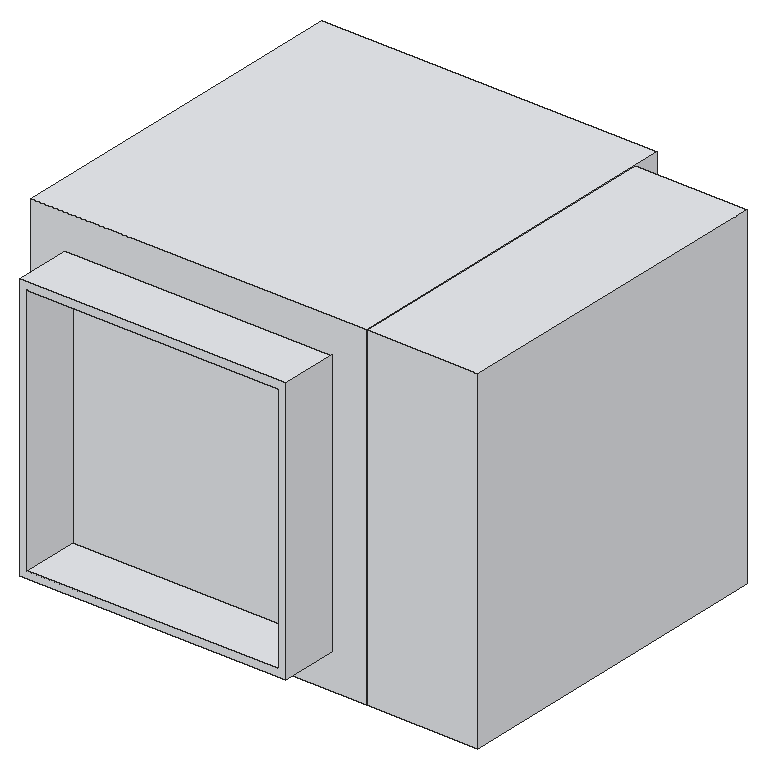
Revit family "Electric_Furnace-Unico-Square_Plenum NEW", category Mechanical Equipment, Revit 2020
Family settings
  Round Connector Dimension = Use Diameter
  Classification = None
  Part Type = Normal
  OmniClass Number = 23.75.70.00
  OmniClass Title = HVAC Distribution Devices
  Work Plane-Based = No
  Always vertical = Yes
  Cut with Voids When Loaded = No
  Shared = No
  Room Calculation Point = No
Parameters (values of type "Not a Type - Load Type Catalog")
  Warranty URL = "https://www.unicosystem.com/wp-content/uploads/2022/08/Bulletin-10-010.pdf"
  Voltage [instance] = 240 V  # constant formula
  Video Link = "https://www.youtube.com/watch?v=aUAUzyZZRxY&themeRefresh=1"
  Version = "2020 - v1.0a"  # constant formula
  URL = "https://www.unicosystem.com/"
  Support Phone [instance] = "(224) 699-9545"  # constant formula
  Support Email [instance] = "support@bimsmith.com"
  Nominal Capacity = 1000 W * (size_lookup("Size", "kW", 0, Constraints))  # 2000 W
  Clearance [instance] = no
  Product Page URL = "https://shop.unicosystem.com/index.php?route=product/catalog&filter_keyword=Electric%20Furnace"
  Product Documentation Link = "https://shop.unicosystem.com/index.php?route=product/catalog&filter_keyword=Electric%20Furnace"
  Power Factor = 1  # constant formula
  Performance URL = "https://www.unicosystem.com/literature-media/"
  Number of Poles = size_lookup("Size", "Phase", 0, Constraints)  # 1
  Model = size_lookup("Size", "Model", "N/A", Constraints)  # "WON0202-C"
  Manufacturer Phone Number = "314-481-9000"  # constant formula
  Manufacturer Fax Number = "314-457-9000"  # constant formula
  Manufacturer Email = "https://www.unicosystem.com/customer-%20support/"
  Manufacturer Address = "1120 Intagliata Drive Arnold, MO 63010"  # constant formula
  Manufacturer = "Unico, Inc."  # constant formula
  Load Classification = HVAC
  Keynote = "23 30 00"
  Instruction Sheet Link = "https://www.unicosystem.com/wp-content/uploads/2024/01/Bulletin-30-020.pdf"
  Frequency = 60 Hz  # constant formula
  Finish = Metal - Unico - Silver
  Description = "Electric Furnace"  # constant formula
  Default Elevation = 0' - 0"
  Copyright = "© 2022 The Unico System. All rights reserved."  # constant formula
  Constraints = 1
  Width = size_lookup("Size", "Width", 0' 0", Constraints)  # 1' - 0"
  Length = size_lookup("Size", "Depth", 0' 0", Constraints)  # 1' - 1"
  Height = size_lookup("Size", "Height", 0' 0", Constraints)  # 1' - 0"
  Plenum Connection Height & Width [instance] = 9 1/2"  # constant formula
  Assembly Code = "D3040100"
  Apparent Load = 1 VA * (size_lookup("Size", "Amp", 0, Constraints))  # 8.3 VA
Reference planes (in)
  plane 1 "Center (Front/Back)": y = 0
  plane 2: z = 0
  plane 3 "Center (Left/Right)": x = 0
Dimensions and locks (in)
  aligned and locked: plane 2 to level
  aligned and locked: plane 3 "Center (Left/Right)" to nested 1
  aligned and locked: nested 1 to plane 1 "Center (Front/Back)"
Nested families (in)
  nested 1: "Nested - Geo" at (-6, -6.5, 0), type "Default"
Connectors (in)
  hvac at (0, -8.54275, 6), driven by "Plenum Connection Height & Width", driven by "Plenum Connection Height & Width", driven by "Plenum Connection Height & Width"
    settings: on nested 1, index 1, duct flow 0 CFM, flow factor 0, pres drop 0.00 in-wg, loss coef 0, conn angle 0.00°, conn width 9 1/2", conn height 9 1/2", conn diameter 9 1/2", duct sys type 4, conn prof type 1, flow config 0, flow direction 2, loss method 0, conn ref index -1, conn util no, is conn primary yes, conn desc "Plenum Connection"
  electrical at (10, -0.5, 6), driven by "Number of Poles", driven by "Load Classification", driven by "Voltage", driven by "Apparent Load", driven by "Power Factor"
    settings: on nested 1, index 2, voltage 240 V, apparent load 0 VA, apparent load phase1 8.3 VA, apparent load phase2 0 VA, apparent load phase3 0 VA, power factor 1, load classification "HVAC", number of poles 1, system type 31, power factor state 1, is connector primary yes, connector utility no, sub classification motor no, connector description "Electrical Connector"
Definition of nested family "Nested - Geo"
  Parameters (values of type "Default")
    Width = size_lookup("Size", "Width", 0' 1", Constraints)  # 1' - 0"
    Length = size_lookup("Size", "Depth", 0' 1", Constraints)  # 1' - 1"
    L = size_lookup("Size", "L", 0' 1", Constraints)  # 1' - 0"
    Height = size_lookup("Size", "Height", 0' 1", Constraints)  # 1' - 0"
    Finish = none
    Duct Diameter = 0' - 9 1/2"  # constant formula
    Default Elevation = 4' - 0"
    Constraints = 1
    Clearance = no
  Reference planes (in)
    plane 1 "Center (Front/Back)": y = 0
    plane 2: z = 0
    plane 3 "Center (Left/Right)": x = 0
    plane 4: y = 13
    plane 5: x = 12
    plane 6: x = 16
    plane 7: z = 12
    plane 8: x = 6
    plane 9: z = 6
    plane 10: x = 6
    plane 11: z = 6
    plane 12: x = 28
    plane 13: y = 6.5
  Forms (in)
    Extrusion 1, solid, material <- "Finish"
      sketch origin (0, 0, 0) x (1, 0, 0) y (0, 1, 0)
        loop
          line (0, 13) -> (0, 0) -> (12, 0) -> (12, 13) -> (0, 13)
      from 0 to 12
    Extrusion 2, solid, material <- "Finish"
      sketch origin (0, 0, 0) x (1, 0, 0) y (0, 1, 0)
        loop
          line (16, 0) -> (16, 12) -> (12, 12) -> (12, 0) -> (16, 0)
      from 0 to 12
    Extrusion 3, solid, material <- "Finish", detail levels coarse
      sketch origin (0, 0, 0) x (1, 0, 0) y (0, 0, 1)
        loop
          line (10.75, 10.75) -> (1.25, 10.75) -> (1.25, 1.25) -> (10.75, 1.25) -> (10.75, 10.75)
      from 0 to 2.04275
    Extrusion 4, solid, material <- "Finish", detail levels medium+fine
      sketch origin (0, 0, 0) x (1, 0, 0) y (0, 0, 1)
        loop
          line (1.25, 10.75) -> (1.25, 1.25) -> (10.75, 1.25) -> (10.75, 10.75) -> (1.25, 10.75)
        loop
          line (1.5, 1.5) -> (10.5, 1.5) -> (10.5, 10.5) -> (1.5, 10.5) -> (1.5, 1.5)
      from 0 to 2.04275
    Extrusion 5, solid, visible <- "Clearance"
      sketch origin (0, 0, 0) x (1, 0, 0) y (0, 1, 0)
        loop
          arc (28, 0) -> (24.48528, 8.48528) -> (16, 12) r 12
          line (16, 12) -> (16, 0) -> (28, 0)
      from 0 to 12
  Dimensions and locks (in)
    "L": plane 1 "Center (Front/Back)" to Extrusion 2 sketch curve
    "Height": plane 7 to plane 2
    equal spacing: plane 5, plane 8, plane 3 "Center (Left/Right)"
    equal spacing: plane 7, plane 9, plane 2
    "Width": plane 3 "Center (Left/Right)" to plane 5
    locked: plane 5 to plane 6 at 4
    equal spacing: plane 5, plane 10, plane 3 "Center (Left/Right)"
    equal spacing: plane 7, plane 11, level
    "Length": plane 1 "Center (Front/Back)" to plane 4
    "L": plane 6 to plane 12
    equal spacing: plane 1 "Center (Front/Back)", plane 13, plane 4
    equal spacing: Extrusion 4 sketch curve, plane 11, Extrusion 4 sketch curve
    equal spacing: Extrusion 4 sketch curve, plane 10, Extrusion 4 sketch curve
    "Duct Diameter": Extrusion 4 sketch curve to Extrusion 4 sketch curve  (x2)
    "L": radius of Extrusion 5 sketch curve
    aligned and locked: plane 2 to level
    aligned and locked: Extrusion 1 sketch curve to plane 4
    aligned and locked: plane 3 "Center (Left/Right)" to Extrusion 1 sketch curve
    aligned and locked: Extrusion 1 sketch curve to plane 1 "Center (Front/Back)"
    aligned and locked: Extrusion 1 sketch curve to plane 5
    aligned and locked: Extrusion 2 sketch curve to plane 1 "Center (Front/Back)"
    aligned and locked: Extrusion 2 sketch curve to plane 6
    aligned and locked: plane 5 to Extrusion 2 sketch curve
    aligned and locked: plane 7 to Extrusion 1
    aligned and locked: plane 7 to Extrusion 2
    aligned and locked: plane 6 to Extrusion 5 sketch curve
    aligned and locked: plane 1 "Center (Front/Back)" to Extrusion 5 sketch curve
    aligned and locked: Extrusion 5 sketch curve to plane 1 "Center (Front/Back)"
    aligned and locked: Extrusion 5 sketch curve to plane 6
    aligned and locked: Extrusion 5 to Extrusion 1
    aligned and locked: Extrusion 2 to Extrusion 1
    aligned and locked: Extrusion 3 sketch curve to Extrusion 4  (x4)
  Automatic sketch dimensions
    Extrusion 4 sketch curve to Extrusion 4 sketch curve = 0' - 0 1/4"  (x4)
